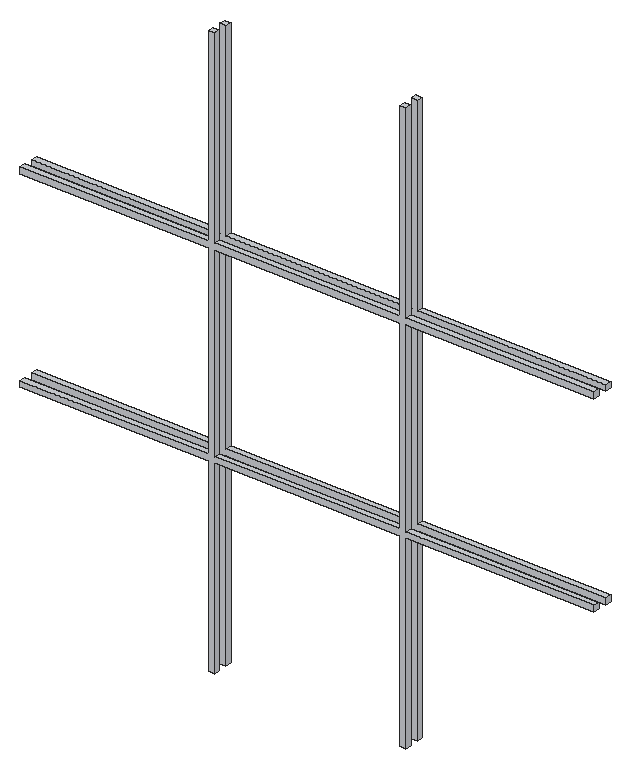
Revit family "865b36154efd4c6096d196faa471113d", category Generic Models, Revit 2021
Family settings
  Can host rebar = No
  Round Connector Dimension = Use Diameter
  Part Type = Normal
  Work Plane-Based = No
  Always vertical = Yes
  Cut with Voids When Loaded = No
  Shared = Yes
  Room Calculation Point = No
Parameters
  Width [instance] = 4' - 0"
  Thickness = 0' - 0 1/2"
  Height [instance] = 4' - 0"
  Interior Material [instance] = none
  Exterior Material [instance] = none
  Distance = 0' - 0 3/4"
  Default Elevation = 0' - 0"
Reference planes (in)
  plane 1 "Center (Front/Back)": y = 0
  plane 2: z = 0
  plane 3 "Center (Left/Right)": x = 0
  plane 4: z = 48
  plane 5: x = -24
  plane 6: x = 24
  plane 7: z = 24
  plane 8 "a": y = 0.375
  plane 9 "b": y = -0.375
  plane 10: z = 32
  plane 11: z = 16
  plane 12: z = 32.25
  plane 13: z = 31.75
  plane 14: z = 16.25
  plane 15: z = 15.75
  plane 16: x = -8
  plane 17: x = 8
  plane 18: x = -8.25
  plane 19: x = -7.75
  plane 20: x = 7.75
  plane 21: x = 8.25
  plane 22: y = 0.875
  plane 23: y = -0.875
Forms (in)
  Extrusion 1, solid, material <- "Exterior Material", detail levels fine
    sketch origin (0, 0.375, 0) x (-1, 0, 0) y (0, 0, 1)
      loop
        line (24, 32.25) -> (8.25, 32.25) -> (8.25, 48) -> (7.75, 48) -> (7.75, 32.25) -> (-7.75, 32.25) -> (-7.75, 48) -> (-8.25, 48) -> (-8.25, 32.25) -> (-24, 32.25) -> (-24, 31.75) -> (-8.25, 31.75) -> (-8.25, 16.25) -> (-24, 16.25) -> (-24, 15.75) -> (-8.25, 15.75) -> (-8.25, 0) -> (-7.75, 0) -> (-7.75, 15.75) -> (7.75, 15.75) -> (7.75, 0) -> (8.25, 0) -> (8.25, 15.75) -> (24, 15.75) -> (24, 16.25) -> (8.25, 16.25) -> (8.25, 31.75) -> (24, 31.75) -> (24, 32.25)
      loop
        line (7.75, 31.75) -> (-7.75, 31.75) -> (-7.75, 16.25) -> (7.75, 16.25) -> (7.75, 31.75)
    from 0 to 0.5
  Extrusion 2, solid, material <- "Interior Material", detail levels fine
    sketch origin (0, -0.375, 0) x (-1, 0, 0) y (0, 0, 1)
      loop
        line (24, 32.25) -> (8.25, 32.25) -> (8.25, 48) -> (7.75, 48) -> (7.75, 32.25) -> (-7.75, 32.25) -> (-7.75, 48) -> (-8.25, 48) -> (-8.25, 32.25) -> (-24, 32.25) -> (-24, 31.75) -> (-8.25, 31.75) -> (-8.25, 16.25) -> (-24, 16.25) -> (-24, 15.75) -> (-8.25, 15.75) -> (-8.25, 0) -> (-7.75, 0) -> (-7.75, 15.75) -> (7.75, 15.75) -> (7.75, 0) -> (8.25, 0) -> (8.25, 15.75) -> (24, 15.75) -> (24, 16.25) -> (8.25, 16.25) -> (8.25, 31.75) -> (24, 31.75) -> (24, 32.25)
      loop
        line (7.75, 31.75) -> (-7.75, 31.75) -> (-7.75, 16.25) -> (7.75, 16.25) -> (7.75, 31.75)
    from -0.5 to 0
Lines and regions (in)
  model lines, detail levels medium
    curve 1: line (24, 0.375, 32) -> (-24, 0.375, 32)
    curve 2: line (24, 0.375, 16) -> (-24, 0.375, 16)
    curve 3: line (8, 0.375, 0) -> (8, 0.375, 48)
    curve 4: line (-8, 0.375, 0) -> (-8, 0.375, 48)
    curve 5: line (-24, -0.375, 32) -> (24, -0.375, 32)
    curve 6: line (-24, -0.375, 16) -> (24, -0.375, 16)
    curve 7: line (-8, -0.375, 48) -> (-8, -0.375, 0)
    curve 8: line (8, -0.375, 48) -> (8, -0.375, 0)
Dimensions and locks (in)
  equal spacing: plane 6, plane 3 "Center (Left/Right)", plane 5
  "Width": plane 6 to plane 5
  "Height": plane 4 to plane 2
  equal spacing: plane 4, plane 7, plane 2
  equal spacing: plane 8 "a", plane 1 "Center (Front/Back)", plane 9 "b"
  "Distance": plane 8 "a" to plane 9 "b"
  equal spacing: plane 4, plane 10, plane 11, plane 2
  locked: plane 16 to plane 18 at 0.25
  locked: plane 19 to plane 16 at 0.25
  locked: plane 17 to plane 20 at 0.25
  locked: plane 21 to plane 17 at 0.25
  equal spacing: plane 6, plane 17, plane 16, plane 5
  locked: plane 12 to plane 10 at 0.25
  locked: plane 10 to plane 13 at 0.25
  locked: plane 14 to plane 11 at 0.25
  locked: plane 11 to plane 15 at 0.25
  "Thickness": plane 22 to plane 8 "a"
  "Thickness": plane 9 "b" to plane 23
  aligned and locked: plane 2 to level
  aligned and locked: Extrusion 1 sketch curve to plane 12
  aligned and locked: Extrusion 1 sketch curve to plane 13
  aligned and locked: plane 5 to Extrusion 1 sketch curve  (x2)
  aligned and locked: Extrusion 1 sketch curve to plane 18
  aligned and locked: Extrusion 1 sketch curve to plane 19
  aligned and locked: plane 4 to Extrusion 1 sketch curve  (x2)
  aligned and locked: Extrusion 1 sketch curve to plane 20
  aligned and locked: Extrusion 1 sketch curve to plane 21
  aligned and locked: plane 6 to Extrusion 1 sketch curve  (x2)
  aligned and locked: plane 12 to Extrusion 1 sketch curve  (x2)
  aligned and locked: plane 13 to Extrusion 1 sketch curve  (x2)
  aligned and locked: plane 21 to Extrusion 1 sketch curve  (x2)
  aligned and locked: plane 18 to Extrusion 1 sketch curve  (x2)
  aligned and locked: plane 19 to Extrusion 1 sketch curve  (x2)
  aligned and locked: plane 20 to Extrusion 1 sketch curve  (x2)
  aligned and locked: Extrusion 1 sketch curve to plane 14
  aligned and locked: Extrusion 1 sketch curve to plane 15
  aligned and locked: plane 2 to Extrusion 1 sketch curve  (x2)
  aligned and locked: plane 14 to Extrusion 1 sketch curve  (x2)
  aligned and locked: plane 15 to Extrusion 1 sketch curve  (x2)
  aligned and locked: Extrusion 1 to plane 22
  aligned and locked: plane 9 "b" to Extrusion 2
  aligned and locked: Extrusion 2 to plane 23
  aligned and locked: curve 1 to plane 10
  aligned and locked: curve 2 to plane 11
  aligned and locked: curve 3 to plane 17
  aligned and locked: curve 4 to plane 16
  aligned and locked: plane 6 to curve 2
  aligned and locked: plane 6 to curve 1
  aligned and locked: plane 5 to curve 1
  aligned and locked: plane 5 to curve 2
  aligned and locked: plane 4 to curve 3
  aligned and locked: plane 4 to curve 4
  aligned and locked: plane 2 to curve 3
  aligned and locked: plane 2 to curve 4
  aligned and locked: curve 5 to plane 10
  aligned and locked: curve 6 to plane 11
  aligned and locked: curve 7 to plane 16
  aligned and locked: curve 8 to plane 17
  aligned and locked: plane 4 to curve 8
  aligned and locked: plane 4 to curve 7
  aligned and locked: plane 5 to curve 5
  aligned and locked: plane 5 to curve 6
  aligned and locked: plane 2 to curve 7
  aligned and locked: plane 2 to curve 8
  aligned and locked: plane 6 to curve 5
  aligned and locked: plane 6 to curve 6
Automatic sketch dimensions
  Extrusion 2 sketch curve to plane 6 = 0' - 0"  (x2)
  Extrusion 2 sketch curve to plane 15 = 0' - 0"  (x3)
  Extrusion 2 sketch curve to plane 21 = 0' - 0"  (x3)
  Extrusion 2 sketch curve to plane 14 = 0' - 0"  (x3)
  Extrusion 2 sketch curve to plane 4 = 0' - 0"  (x2)
  Extrusion 2 sketch curve to plane 13 = 0' - 0"  (x3)
  Extrusion 2 sketch curve to plane 20 = 0' - 0"  (x3)
  Extrusion 2 sketch curve to plane 12 = 0' - 0"  (x3)
  Extrusion 2 sketch curve to level = 0' - 0"  (x2)
  Extrusion 2 sketch curve to plane 19 = 0' - 0"  (x3)
  Extrusion 2 sketch curve to plane 18 = 0' - 0"  (x3)
  Extrusion 2 sketch curve to plane 5 = 0' - 0"  (x2)
